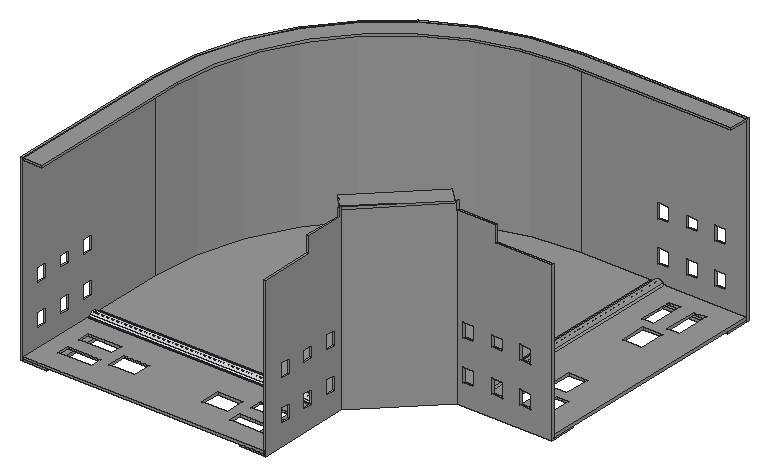
Revit family "BOgen 90 RBM 90115  FS", category Generic Models, Revit 2017
Family settings
  Can host rebar = No
  Round Connector Dimension = Use Diameter
  Part Type = Normal
  Work Plane-Based = No
  Always vertical = Yes
  Cut with Voids When Loaded = No
  Shared = No
  Room Calculation Point = No
Parameters (values of type "RBM 90 115 FS")
  Width = 150 mm
  URL = "http://www.obo-bettermann.com"
  Material = Srtip galvanised
  Manufacturer Art.No. = "6041841"
  Manufacturer = "OBO BETTERMANN"
  GTIN = "4012195896029"
  Cut's number = 2
  Article Type = "RBM 90 115 FS"
Reference planes
  plane 1 "Center (Front/Back)": y = 0
  plane 2: z = 0
  plane 3 "Center (Left/Right)": x = 0
  plane 4: x = 250
  plane 5: x = 195.5
  plane 6: x = 190.7
  plane 7: z = 3.3
  plane 8: y = 150
  plane 9: x = 250
  plane 10: y = -100
  plane 11: y = -45.5
  plane 12: y = -40.7
  plane 13: z = 3.3
  plane 14: y = 3.1
  plane 15: x = 146.9
  plane 16: y = -74.5
  plane 17: x = 75
  plane 18: x = 104
  plane 19: y = -66.5
  plane 20: y = -82.5
  plane 21: x = 21.5
  plane 22: x = 16.944
  plane 23: x = 45.944
  plane 24: y = -90.516
  plane 25: x = 75
  plane 26: x = 104
  plane 27: y = -82.516
  plane 28: y = -98.516
  plane 29: x = 21.5
  plane 30: y = -90.516
  plane 31: x = 182.101
  plane 32: x = 211.101
  plane 33: y = -82.516
  plane 34: y = -98.516
  plane 35: x = 128.601
  plane 36: y = -74.485
  plane 37: x = 182.101
  plane 38: x = 211.101
  plane 39: y = -66.485
  plane 40: y = -82.485
  plane 41: x = 128.601
  plane 42: through (250, -101.356, 1200) normal (-0.7071, -0.7071, 0)
  plane 43: z = -1.25
  plane 44: z = 111.75
  plane 45: z = -2.5
  plane 46: z = 110.5
  plane 47: z = 106.75
  plane 48: x = 215
  plane 49: x = 207.342
  plane 50: z = 96.75
  plane 51: z = 106.75
  plane 52: y = -66.356
  plane 53: y = -58.698
  plane 54: z = 96.75
  plane 55: z = 16.2
  plane 56: y = -85
  plane 57: z = 41.2
  plane 58: y = -85
  plane 59: z = 16.2
  plane 60: y = -67.55
  plane 61: z = 16.2
  plane 62: y = -49.559
  plane 63: z = 41.2
  plane 64: y = -49.559
  plane 65: z = 41.2
  plane 66: y = -67.55
  plane 67: z = 16.2
  plane 68: x = 233.644
  plane 69: z = 41.2
  plane 70: x = 216.194
  plane 71: z = 16.2
  plane 72: x = 216.135
  plane 73: z = 16.2
  plane 74: x = 198.119
  plane 75: z = 41.2
  plane 76: x = 233.644
  plane 77: z = 41.2
  plane 78: x = 198.119
  plane 79: y = 75
  plane 80: z = 24.646
Forms (mm)
  Extrusion 1, solid, material "Srtip galvanised" <- "Material"
    sketch origin (0, 0, 0) x (1, 0, 0) y (0, 0, 1)
      loop
        line (250, 0) -> (250, 1.3) -> (199.185, 1.3)
        arc (199.185, 1.3) -> (198.46, 1.486) -> (197.916, 1.999) r 1.5
        arc (197.916, 1.999) -> (195.548, 3.305) -> (193.18, 1.999) r 2.8
        arc (193.18, 1.999) -> (192.636, 1.486) -> (191.912, 1.3) r 1.5
        line (191.912, 1.3) -> (190.7, 1.3) -> (190.7, 0) -> (191.912, 0)
        arc (191.912, 0) -> (193.264, 0.348) -> (194.28, 1.306) r 2.8
        arc (194.28, 1.306) -> (195.548, 2.005) -> (196.817, 1.306) r 1.5
        arc (196.817, 1.306) -> (197.833, 0.348) -> (199.185, 0) r 2.8
        line (199.185, 0) -> (250, 0)
    from 0 to -150
  Extrusion 2, solid, material "Srtip galvanised" <- "Material"
    sketch origin (0, 0, 0) x (1, 0, 0) y (0, 1, 0)
      loop
        line (0, -100) -> (150, -100) -> (150, -50) -> (0, -50) -> (0, -100)
    from 0 to 1.3
  Extrusion 3, solid
    sketch origin (0, 0, 0) x (0, 1, 0) y (0, 0, 1)
      loop
        arc (-47.851, 1.985) -> (-48.394, 1.482) -> (-49.111, 1.3) r 1.5
        line (-49.111, 1.3) -> (-50, 1.3) -> (-50, 0) -> (-49.111, 0)
        arc (-49.111, 0) -> (-47.772, 0.341) -> (-46.76, 1.279) r 2.8
        arc (-46.76, 1.279) -> (-45.5, 1.965) -> (-44.24, 1.279) r 1.5
        arc (-44.24, 1.279) -> (-43.228, 0.341) -> (-41.889, 0) r 2.8
        line (-41.889, 0) -> (-40.7, 0) -> (-40.7, 1.3) -> (-41.889, 1.3)
        arc (-41.889, 1.3) -> (-42.606, 1.482) -> (-43.149, 1.985) r 1.5
        arc (-43.149, 1.985) -> (-45.5, 3.265) -> (-47.851, 1.985) r 2.8
    from 0 to 150
  Extrusion 4, solid, material "Srtip galvanised" <- "Material"
    sketch origin (0, 0, 0) x (1, 0, 0) y (0, 1, 0)
      loop
        line (190.7, 0) -> (190.7, 150) -> (146.885, 150)
        arc (146.885, 150) -> (43.011, 106.974) -> (-0.015, 3.1) r 146.9
        line (-0.015, 3.1) -> (-0.015, -40.7) -> (150, -40.7) -> (190.7, 0)
    from 0 to 1.3
  Extrusion 5, void
    sketch origin (0, 0, 0) x (1, 0, 0) y (0, 1, 0)
      loop
        line (96, -68.5) -> (96, -80.5) -> (112, -80.5) -> (112, -68.5) -> (96, -68.5)
      loop
        line (11, -62.7) -> (11, -70.3) -> (32, -70.3) -> (32, -62.7) -> (11, -62.7)
    from 0 to 1.3
  Extrusion 6, void
    sketch origin (-58.056, 0, 0) x (1, 0, 0) y (0, 1, 0)
      loop
        line (96, -68.5) -> (96, -80.5) -> (112, -80.5) -> (112, -68.5) -> (96, -68.5)
    from 0 to 1.3
  Extrusion 7, void
    sketch origin (0, -16.016, 0) x (1, 0, 0) y (0, 1, 0)
      loop
        line (11, -62.7) -> (11, -70.3) -> (32, -70.3) -> (32, -62.7) -> (11, -62.7)
    from 0 to 1.3
  Extrusion 8, void
    sketch origin (107.101, -16.016, 0) x (1, 0, 0) y (0, 1, 0)
      loop
        line (11, -62.7) -> (11, -70.3) -> (32, -70.3) -> (32, -62.7) -> (11, -62.7)
    from 0 to 1.3
  Extrusion 9, void
    sketch origin (107.101, 0.015, 0) x (1, 0, 0) y (0, 1, 0)
      loop
        line (11, -62.7) -> (11, -70.3) -> (32, -70.3) -> (32, -62.7) -> (11, -62.7)
    from 0 to 1.3
  Extrusion 10, void
    sketch origin (0, 0, 0) x (1, 0, 0) y (0, 1, 0)
      loop
        line (211.344, 137.644) -> (211.344, 116.644) -> (218.944, 116.644) -> (218.944, 137.644) -> (211.344, 137.644)
      loop
        line (227.36, 137.644) -> (227.36, 116.644) -> (234.96, 116.644) -> (234.96, 137.644) -> (227.36, 137.644)
      loop
        line (217.144, 110.7) -> (217.144, 94.7) -> (229.144, 94.7) -> (229.144, 110.7) -> (217.144, 110.7)
      loop
        line (217.144, 52.644) -> (217.144, 36.644) -> (229.144, 36.644) -> (229.144, 52.644) -> (217.144, 52.644)
      loop
        line (227.36, 30.543) -> (227.36, 9.543) -> (234.96, 9.543) -> (234.96, 30.543) -> (227.36, 30.543)
      loop
        line (211.329, 30.543) -> (211.329, 9.543) -> (218.929, 9.543) -> (218.929, 30.543) -> (211.329, 30.543)
    from 0 to 1.3
  Extrusion 11, solid, material "Srtip galvanised" <- "Material"
    sketch origin (0, 0, 0) x (1, 0, 0) y (0, 1, 0)
      loop
        line (250, 150) -> (146.885, 150)
        arc (146.885, 150) -> (43.022, 106.978) -> (0, 3.115) r 146.885
        line (0, 3.115) -> (0, -100) -> (15, -100) -> (15, 3.115)
        arc (15, 3.115) -> (53.628, 96.372) -> (146.885, 135) r 131.885
        line (146.885, 135) -> (250, 135) -> (250, 150)
    from 0 to -1.25
  Extrusion 12, solid, material "Srtip galvanised" <- "Material"
    sketch origin (0, 0, 0) x (1, 0, 0) y (0, 1, 0)
      loop
        line (250, 150) -> (250, 151.3) -> (146.885, 151.3)
        arc (146.885, 151.3) -> (42.102, 107.898) -> (-1.3, 3.115) r 148.185
        line (-1.3, 3.115) -> (-1.3, -100) -> (0, -100) -> (0, 3.115)
        arc (0, 3.115) -> (43.022, 106.978) -> (146.885, 150) r 146.885
        line (146.885, 150) -> (250, 150)
    from -1.25 to 111.75
  Extrusion 13, solid
    sketch origin (0, 0, 0) x (1, 0, 0) y (0, 1, 0)
      loop
        line (189.471, -1.229) -> (178.864, 9.378) -> (139.266, -30.22) -> (149.873, -40.827) -> (189.471, -1.229)
    from 0 to -1.25
  Extrusion 14, solid, material "Srtip galvanised" <- "Material"
    sketch origin (0, 0, 0) x (1, 0, 0) y (0, 1, 0)
      loop
        line (191.861, 0) -> (250, 0) -> (250, 15) -> (191.861, 15) -> (191.861, 0)
    from 0 to -1.25
  Extrusion 15, solid, material "Srtip galvanised" <- "Material"
    sketch origin (0, 0, 0) x (1, 0, 0) y (0, 1, 0)
      loop
        line (150, -100) -> (150, -41.889) -> (135, -41.889) -> (135, -100) -> (150, -100)
    from 0 to -1.25
  Extrusion 16, solid, material "Srtip galvanised" <- "Material"
    sketch origin (0, 0, 0) x (1, 0, 0) y (0, 1, 0)
      loop
        line (250, 0) -> (190.7, 0) -> (150, -40.7) -> (150, -100) -> (151.173, -100) -> (151.173, -41.365) -> (191.238, -1.3) -> (250, -1.3) -> (250, 0)
    from -1.25 to 111.75
  Extrusion 17, solid, material "Srtip galvanised" <- "Material"
    sketch origin (0.805, 0, 0) x (1, 0, 0) y (0, 1, 0)
      loop
        line (249.195, 150) -> (146.096, 150)
        arc (146.096, 150) -> (42.821, 107.573) -> (-0.805, 4.798) r 146.911
        line (-0.805, 4.798) -> (-0.805, -100) -> (11.195, -100) -> (11.195, 4.727)
        arc (11.195, 4.727) -> (51.281, 99.063) -> (146.096, 138) r 134.911
        line (146.096, 138) -> (249.195, 138) -> (249.195, 150)
    from 110.5 to 111.75
  Extrusion 18, solid, material "Srtip galvanised" <- "Material"
    sketch origin (0, 0, 0) x (1, 0, 0) y (0, 1, 0)
      loop
        line (190.39, -2.148) -> (181.905, 6.337) -> (142.307, -33.261) -> (150.792, -41.746) -> (190.39, -2.148)
    from 110.5 to 111.75
  Extrusion 19, void
    sketch origin (0, 0, 0) x (1, 0, 0) y (0, 0, 1)
      loop
        line (250, 96.75) -> (250, 111.75) -> (191.238, 111.75) -> (191.238, 106.75) -> (215, 106.75) -> (215, 96.75) -> (250, 96.75)
    from 0 to 1.3
  Extrusion 20, void
    sketch origin (148.644, 148.644, 0) x (0, -1, 0) y (0, 0, -1)
      loop
        line (250, -96.75) -> (215, -96.75) -> (215, -106.75) -> (191.238, -106.75) -> (191.238, -111.75) -> (250, -111.75) -> (250, -96.75)
    from 1.356 to 2.529
  Extrusion 21, void
    sketch origin (0, 0, 0) x (0, 1, 0) y (0, 0, 1)
      loop
        line (-88.487, 20.7) -> (-88.487, 11.7) -> (-81.487, 11.7) -> (-81.487, 20.7) -> (-88.487, 20.7)
    from 150 to 151.173
  Extrusion 22, void
    sketch origin (0, 0, 25) x (0, 1, 0) y (0, 0, 1)
      loop
        line (-88.487, 20.7) -> (-88.487, 11.7) -> (-81.487, 11.7) -> (-81.487, 20.7) -> (-88.487, 20.7)
    from 150 to 151.173
  Extrusion 23, void
    sketch origin (0, 17.45, 0) x (0, 1, 0) y (0, 0, 1)
      loop
        line (-88.487, 20.7) -> (-88.487, 11.7) -> (-81.487, 11.7) -> (-81.487, 20.7) -> (-88.487, 20.7)
    from 150 to 151.173
  Extrusion 24, void
    sketch origin (0, 35.441, 0) x (0, 1, 0) y (0, 0, 1)
      loop
        line (-88.487, 20.7) -> (-88.487, 11.7) -> (-81.487, 11.7) -> (-81.487, 20.7) -> (-88.487, 20.7)
    from 150 to 151.173
  Extrusion 25, void
    sketch origin (0, 35.441, 25) x (0, 1, 0) y (0, 0, 1)
      loop
        line (-88.487, 20.7) -> (-88.487, 11.7) -> (-81.487, 11.7) -> (-81.487, 20.7) -> (-88.487, 20.7)
    from 150 to 151.173
  Extrusion 26, void
    sketch origin (0, 17.45, 25) x (0, 1, 0) y (0, 0, 1)
      loop
        line (-88.487, 19.798) -> (-88.487, 12.798) -> (-81.487, 12.798) -> (-81.487, 19.798) -> (-88.487, 19.798)
    from 150 to 151.173
  Extrusion 27, void
    sketch origin (148.644, 148.644, 0) x (-1, 0, 0) y (0, 0, -1)
      loop
        line (-88.487, -20.7) -> (-81.487, -20.7) -> (-81.487, -11.7) -> (-88.487, -11.7) -> (-88.487, -20.7)
    from 148.644 to 149.944
  Extrusion 28, void
    sketch origin (131.194, 148.644, 25) x (-1, 0, 0) y (0, 0, -1)
      loop
        line (-88.487, -19.798) -> (-81.487, -19.798) -> (-81.487, -12.798) -> (-88.487, -12.798) -> (-88.487, -19.798)
    from 148.644 to 149.944
  Extrusion 29, void
    sketch origin (131.135, 148.644, 0) x (-1, 0, 0) y (0, 0, -1)
      loop
        line (-88.487, -20.7) -> (-81.487, -20.7) -> (-81.487, -11.7) -> (-88.487, -11.7) -> (-88.487, -20.7)
    from 148.644 to 149.944
  Extrusion 30, void
    sketch origin (113.119, 148.644, 0) x (-1, 0, 0) y (0, 0, -1)
      loop
        line (-88.487, -20.7) -> (-81.487, -20.7) -> (-81.487, -11.7) -> (-88.487, -11.7) -> (-88.487, -20.7)
    from 148.644 to 149.944
  Extrusion 31, void
    sketch origin (148.644, 148.644, 25) x (-1, 0, 0) y (0, 0, -1)
      loop
        line (-88.487, -20.7) -> (-81.487, -20.7) -> (-81.487, -11.7) -> (-88.487, -11.7) -> (-88.487, -20.7)
    from 148.644 to 149.944
  Extrusion 32, void
    sketch origin (113.119, 148.644, 25) x (-1, 0, 0) y (0, 0, -1)
      loop
        line (-88.487, -20.7) -> (-81.487, -20.7) -> (-81.487, -11.7) -> (-88.487, -11.7) -> (-88.487, -20.7)
    from 148.644 to 149.944
  Extrusion 33, void
    sketch origin (0, 0, 0) x (1, 0, 0) y (0, 0, 1)
      loop
        line (237.131, 45.7) -> (230.131, 45.7) -> (230.131, 36.7) -> (237.131, 36.7) -> (237.131, 45.7)
      loop
        line (219.681, 44.798) -> (212.681, 44.798) -> (212.681, 37.798) -> (219.681, 37.798) -> (219.681, 44.798)
      loop
        line (201.606, 45.7) -> (194.606, 45.7) -> (194.606, 36.7) -> (201.606, 36.7) -> (201.606, 45.7)
      loop
        line (237.131, 20.7) -> (230.131, 20.7) -> (230.131, 11.7) -> (237.131, 11.7) -> (237.131, 20.7)
      loop
        line (219.621, 20.7) -> (212.621, 20.7) -> (212.621, 11.7) -> (219.621, 11.7) -> (219.621, 20.7)
      loop
        line (201.606, 20.7) -> (194.606, 20.7) -> (194.606, 11.7) -> (201.606, 11.7) -> (201.606, 20.7)
    from -150 to -151.3
  Extrusion 34, void
    sketch origin (0, 0, 0) x (0, 1, 0) y (0, 0, 1)
      loop
        line (-46.046, 45.7) -> (-53.046, 45.7) -> (-53.046, 36.7) -> (-46.046, 36.7) -> (-46.046, 45.7)
      loop
        line (-64.036, 44.798) -> (-71.036, 44.798) -> (-71.036, 37.798) -> (-64.036, 37.798) -> (-64.036, 44.798)
      loop
        line (-81.487, 45.7) -> (-88.487, 45.7) -> (-88.487, 36.7) -> (-81.487, 36.7) -> (-81.487, 45.7)
      loop
        line (-46.046, 20.7) -> (-53.046, 20.7) -> (-53.046, 11.7) -> (-46.046, 11.7) -> (-46.046, 20.7)
      loop
        line (-64.036, 20.7) -> (-71.036, 20.7) -> (-71.036, 11.7) -> (-64.036, 11.7) -> (-64.036, 20.7)
      loop
        line (-81.487, 20.7) -> (-88.487, 20.7) -> (-88.487, 11.7) -> (-81.487, 11.7) -> (-81.487, 20.7)
    from -1.3 to 0
Cuts and joins
  Extrusion 5, Extrusion 6, Extrusion 7, Extrusion 8, Extrusion 9 cuts Extrusion 2
  Extrusion 10 cuts Extrusion 1
  Extrusion 19, Extrusion 20, Extrusion 21, Extrusion 22, Extrusion 23, Extrusion 24, Extrusion 25, Extrusion 26, Extrusion 27, Extrusion 28, Extrusion 29, Extrusion 30, Extrusion 31, Extrusion 32, Extrusion 34 cuts Extrusion 16
  Extrusion 21, Extrusion 33, Extrusion 34 cuts Extrusion 12
Dimensions and locks
  locked: plane 4 to plane 3 "Center (Left/Right)" at 250
  locked: plane 4 to plane 5 at 54.5
  locked: plane 4 to plane 6 at 59.3
  locked: plane 7 to Extrusion 1 sketch curve at 2
  locked: Extrusion 1 sketch curve to Extrusion 1 sketch curve at 1.3  (x2)
  locked: plane 1 "Center (Front/Back)" to plane 8 at 150
  locked: Extrusion 1 to plane 10 at 250
  locked: plane 3 "Center (Left/Right)" to Extrusion 1 at 250
  locked: Extrusion 2 sketch curve to Extrusion 2 sketch curve at 150
  locked: Extrusion 2 sketch curve to Extrusion 2 sketch curve at 50
  locked: plane 10 to plane 11 at 54.5
  locked: plane 10 to plane 12 at 59.3
  locked: plane 13 to Extrusion 2 at 2
  locked: Extrusion 2 to Extrusion 3 sketch curve at 9.3
  locked: Extrusion 3 sketch curve to Extrusion 3 sketch curve at 1.3
  locked: Extrusion 1 sketch curve to level at 3.305
  locked: plane 15 to Extrusion 1 at 103.1
  locked: plane 14 to plane 10 at 103.1
  locked: plane 21 to plane 17 at 53.5
  locked: Extrusion 5 sketch curve to Extrusion 5 sketch curve at 16
  locked: Extrusion 5 sketch curve to plane 18 at 8
  locked: Extrusion 5 sketch curve to Extrusion 5 sketch curve at 12
  locked: plane 16 to Extrusion 5 sketch curve at 6
  locked: Extrusion 5 sketch curve to Extrusion 5 sketch curve at 21
  locked: plane 21 to Extrusion 5 sketch curve at 10.5
  locked: Extrusion 5 sketch curve to Extrusion 5 sketch curve at 7.6
  locked: plane 19 to Extrusion 5 sketch curve at 3.8
  locked: Extrusion 6 sketch curve to Extrusion 6 sketch curve at 16
  locked: Extrusion 6 sketch curve to plane 23 at 8
  locked: Extrusion 6 sketch curve to Extrusion 6 sketch curve at 12
  locked: plane 29 to plane 25 at 53.5
  locked: Extrusion 7 sketch curve to Extrusion 7 sketch curve at 21
  locked: plane 29 to Extrusion 7 sketch curve at 10.5
  locked: Extrusion 7 sketch curve to Extrusion 7 sketch curve at 7.6
  locked: plane 27 to Extrusion 7 sketch curve at 3.8
  locked: plane 35 to plane 31 at 53.5
  locked: Extrusion 8 sketch curve to Extrusion 8 sketch curve at 21
  locked: plane 35 to Extrusion 8 sketch curve at 10.5
  locked: Extrusion 8 sketch curve to Extrusion 8 sketch curve at 7.6
  locked: plane 33 to Extrusion 8 sketch curve at 3.8
  locked: plane 41 to plane 37 at 53.5
  locked: Extrusion 9 sketch curve to Extrusion 9 sketch curve at 21
  locked: plane 41 to Extrusion 9 sketch curve at 10.5
  locked: Extrusion 9 sketch curve to Extrusion 9 sketch curve at 7.6
  locked: plane 39 to Extrusion 9 sketch curve at 3.8
  locked: Extrusion 4 to Extrusion 11 sketch curve at 15
  locked: Extrusion 4 to Extrusion 11 sketch curve at 15.015
  locked: Extrusion 4 to plane 10 at 250
  locked: plane 3 "Center (Left/Right)" to cut or joined group of Extrusion 1, Extrusion 10 at 250
  locked: cut or joined group of Extrusion 2, Extrusion 5, Extrusion 6, Extrusion 7, Extrusion 8, Extrusion 9 to cut or joined group of Extrusion 1, Extrusion 10 at 250
  locked: cut or joined group of Extrusion 2, Extrusion 5, Extrusion 6, Extrusion 7, Extrusion 8, Extrusion 9 to Extrusion 11 at 1.25
  locked: Extrusion 12 sketch curve to cut or joined group of Extrusion 1, Extrusion 10 at 1.3
  locked: Extrusion 12 sketch curve to cut or joined group of Extrusion 2, Extrusion 5, Extrusion 6, Extrusion 7, Extrusion 8, Extrusion 9 at 1.3
  locked: Extrusion 12 sketch curve to Extrusion 12 sketch curve at 251.3  (x2)
  locked: plane 44 to Extrusion 11 at 113
  locked: Extrusion 4 to Extrusion 13 sketch curve at 15
  locked: Extrusion 13 sketch curve to plane 42 at 28  (x2)
  locked: Extrusion 13 sketch curve to Extrusion 13 sketch curve at 56
  locked: cut or joined group of Extrusion 1, Extrusion 10 to Extrusion 14 sketch curve at 15
  locked: Extrusion 14 sketch curve to cut or joined group of Extrusion 1, Extrusion 10 at 58.139
  locked: Extrusion 15 sketch curve to cut or joined group of Extrusion 2, Extrusion 5, Extrusion 6, Extrusion 7, Extrusion 8, Extrusion 9 at 58.111
  locked: Extrusion 15 sketch curve to cut or joined group of Extrusion 2, Extrusion 5, Extrusion 6, Extrusion 7, Extrusion 8, Extrusion 9 at 15
  locked: Extrusion 16 sketch curve to cut or joined group of Extrusion 1, Extrusion 10 at 1.3
  locked: cut or joined group of Extrusion 2, Extrusion 5, Extrusion 6, Extrusion 7, Extrusion 8, Extrusion 9 to Extrusion 16 sketch curve at 1.173
  locked: Extrusion 4 to Extrusion 16 sketch curve at 1.3
  locked: Extrusion 16 to Extrusion 18 sketch curve at 12
  plane 47 to Extrusion 16 = 108 mm
  locked: Extrusion 16 to plane 47 at 5
  locked: Extrusion 16 to plane 50 at 15
  locked: Extrusion 21 sketch curve to Extrusion 21 sketch curve at 9
  locked: plane 55 to Extrusion 21 sketch curve at 4.5
  locked: Extrusion 21 sketch curve to Extrusion 21 sketch curve at 7
  locked: Extrusion 21 sketch curve to plane 56 at 3.487
  locked: Extrusion 22 sketch curve to Extrusion 22 sketch curve at 9
  locked: plane 57 to Extrusion 22 sketch curve at 4.5
  locked: Extrusion 22 sketch curve to Extrusion 22 sketch curve at 7
  locked: Extrusion 22 sketch curve to plane 58 at 3.487
  locked: Extrusion 23 sketch curve to Extrusion 23 sketch curve at 9
  locked: plane 59 to Extrusion 23 sketch curve at 4.5
  locked: Extrusion 23 sketch curve to Extrusion 23 sketch curve at 7
  locked: Extrusion 23 sketch curve to plane 60 at 3.487
  locked: Extrusion 24 sketch curve to Extrusion 24 sketch curve at 9
  locked: plane 61 to Extrusion 24 sketch curve at 4.5
  locked: Extrusion 24 sketch curve to Extrusion 24 sketch curve at 7
  locked: Extrusion 24 sketch curve to plane 62 at 3.487
  locked: Extrusion 25 sketch curve to Extrusion 25 sketch curve at 9
  locked: plane 63 to Extrusion 25 sketch curve at 4.5
  locked: Extrusion 25 sketch curve to Extrusion 25 sketch curve at 7
  locked: Extrusion 25 sketch curve to plane 64 at 3.487
  Extrusion 26 sketch curve to Extrusion 26 sketch curve = 7 mm  (x2)
  plane 65 to Extrusion 26 sketch curve = 3.402 mm
  Extrusion 26 sketch curve to plane 66 = 3.487 mm
  locked: Extrusion 26 sketch curve to Extrusion 26 sketch curve at 7  (x2)
  cut or joined group 1 (Extrusion 16, Extrusion 19, Extrusion 20, Extrusion 21, Extrusion 22, Extrusion 23, Extrusion 24, Extrusion 25, Extrusion 26, Extrusion 27, Extrusion 28, Extrusion 29, Extrusion 30, Extrusion 31, Extrusion 32, Extrusion 34) to cut or joined group 1 = 7 mm
  locked: Extrusion 27 sketch curve to Extrusion 27 sketch curve at 9
  locked: Extrusion 27 sketch curve to plane 67 at 4.5
  locked: Extrusion 27 sketch curve to Extrusion 27 sketch curve at 7
  locked: Extrusion 27 sketch curve to plane 68 at 3.487
  Extrusion 28 sketch curve to Extrusion 28 sketch curve = 7 mm  (x2)
  Extrusion 28 sketch curve to plane 69 = 3.402 mm
  Extrusion 28 sketch curve to plane 70 = 3.487 mm
  locked: Extrusion 28 sketch curve to Extrusion 28 sketch curve at 7  (x2)
  locked: Extrusion 29 sketch curve to Extrusion 29 sketch curve at 9
  locked: Extrusion 29 sketch curve to plane 71 at 4.5
  locked: Extrusion 29 sketch curve to Extrusion 29 sketch curve at 7
  locked: Extrusion 29 sketch curve to plane 72 at 3.487
  locked: Extrusion 30 sketch curve to Extrusion 30 sketch curve at 9
  locked: Extrusion 30 sketch curve to plane 73 at 4.5
  locked: Extrusion 30 sketch curve to Extrusion 30 sketch curve at 7
  locked: Extrusion 30 sketch curve to plane 74 at 3.487
  locked: Extrusion 31 sketch curve to Extrusion 31 sketch curve at 9
  locked: Extrusion 31 sketch curve to plane 75 at 4.5
  locked: Extrusion 31 sketch curve to Extrusion 31 sketch curve at 7
  locked: Extrusion 31 sketch curve to plane 76 at 3.487
  locked: Extrusion 32 sketch curve to Extrusion 32 sketch curve at 9
  locked: Extrusion 32 sketch curve to plane 77 at 4.5
  locked: Extrusion 32 sketch curve to Extrusion 32 sketch curve at 7
  locked: Extrusion 32 sketch curve to plane 78 at 3.487
  locked: plane 1 "Center (Front/Back)" to plane 79 at 75
  radius of Extrusion 4 sketch curve = 146.9 mm
  aligned and locked: level to plane 2
  aligned and locked: Extrusion 1 sketch curve to plane 6
  aligned and locked: Extrusion 1 sketch curve to plane 4
  aligned and locked: Extrusion 1 to level
  aligned and locked: plane 8 to Extrusion 1
  aligned and locked: plane 1 "Center (Front/Back)" to Extrusion 1
  aligned and locked: Extrusion 1 to Extrusion 2
  aligned and locked: Extrusion 2 to level
  aligned and locked: Extrusion 3 sketch curve to Extrusion 2
  aligned and locked: Extrusion 2 to Extrusion 3
  aligned and locked: Extrusion 3 to plane 3 "Center (Left/Right)"
  aligned and locked: plane 14 to Extrusion 4 sketch curve
  aligned and locked: plane 8 to Extrusion 4 sketch curve
  aligned and locked: Extrusion 4 sketch curve to Extrusion 1
  aligned and locked: Extrusion 4 to level
  aligned and locked: Extrusion 1 to Extrusion 4
  aligned and locked: Extrusion 2 to plane 2
  aligned and locked: Extrusion 2 to Extrusion 5
  aligned and locked: Extrusion 10 to level
  aligned and locked: Extrusion 1 to Extrusion 10
  aligned and locked: Extrusion 11 sketch curve to plane 9
  aligned and locked: plane 10 to Extrusion 11 sketch curve
  aligned and locked: plane 9 to Extrusion 11
  aligned and locked: Extrusion 11 to plane 10
  aligned and locked: Extrusion 11 to plane 43
  aligned and locked: Extrusion 12 to plane 10
  aligned and locked: plane 9 to Extrusion 12
  aligned and locked: plane 44 to Extrusion 12
  aligned and locked: Extrusion 11 to Extrusion 13
  aligned and locked: Extrusion 14 sketch curve to plane 9
  aligned and locked: plane 1 "Center (Front/Back)" to Extrusion 14
  aligned and locked: plane 9 to Extrusion 14
  aligned and locked: Extrusion 11 to Extrusion 14
  aligned and locked: Extrusion 14 to Extrusion 4
  aligned and locked: Extrusion 15 to Extrusion 3  (x2)
  aligned and locked: Extrusion 15 to plane 10
  aligned and locked: Extrusion 15 to Extrusion 11
  aligned and locked: cut or joined group of Extrusion 1, Extrusion 10 to Extrusion 16 sketch curve
  aligned and locked: Extrusion 16 sketch curve to cut or joined group of Extrusion 2, Extrusion 5, Extrusion 6, Extrusion 7, Extrusion 8, Extrusion 9
  aligned and locked: plane 9 to Extrusion 16
  aligned and locked: Extrusion 16 to plane 10
  aligned and locked: Extrusion 16 to Extrusion 11
  aligned and locked: Extrusion 12 to Extrusion 16
  aligned and locked: Extrusion 17 sketch curve to plane 9
  aligned and locked: plane 10 to Extrusion 17 sketch curve
  aligned and locked: plane 9 to Extrusion 17
  aligned and locked: Extrusion 17 to plane 10
  aligned and locked: Extrusion 17 to Extrusion 12
  aligned and locked: Extrusion 17 to plane 46
  aligned and locked: cut or joined group of Extrusion 1, Extrusion 10 to Extrusion 17
  aligned and locked: Extrusion 18 sketch curve to Extrusion 13
  aligned and locked: Extrusion 18 to Extrusion 13
  aligned and locked: Extrusion 13 to Extrusion 18
  aligned and locked: Extrusion 18 to Extrusion 16
  aligned and locked: Extrusion 17 to Extrusion 18
  aligned and locked: Extrusion 12 to Extrusion 18
  aligned and locked: Extrusion 16 to Extrusion 19
  aligned and locked: Extrusion 19 to Extrusion 16
  aligned and locked: Extrusion 20 to Extrusion 3
  aligned and locked: Extrusion 21 to cut or joined group of Extrusion 2, Extrusion 5, Extrusion 6, Extrusion 7, Extrusion 8, Extrusion 9
  aligned and locked: cut or joined group 1 to Extrusion 21
  aligned and locked: Extrusion 16 to Extrusion 27
  aligned and locked: Extrusion 27 to plane 1 "Center (Front/Back)"
  aligned and locked: Extrusion 28 to plane 1 "Center (Front/Back)"
  aligned and locked: Extrusion 16 to Extrusion 28
  aligned and locked: Extrusion 12 to Extrusion 33
  aligned and locked: plane 3 "Center (Left/Right)" to Extrusion 34
  aligned and locked: cut or joined group of Extrusion 12, Extrusion 21, Extrusion 33, Extrusion 34 to Extrusion 34
Automatic sketch dimensions
  Extrusion 1 sketch curve to Extrusion 1 sketch curve = 0 mm  (x7)
  Extrusion 1 sketch curve to level = 0 mm
  Extrusion 1 sketch curve to plane 7 = 0.5 mm  (x2)
  plane 6 to Extrusion 1 sketch curve = 1.212 mm
  plane 5 to Extrusion 1 sketch curve = 0.048 mm
  plane 5 to Extrusion 1 sketch curve = 3.685 mm
  level to Extrusion 1 sketch curve = 0.505 mm
  Extrusion 2 sketch curve to plane 3 "Center (Left/Right)" = 0 mm
  Extrusion 2 sketch curve to plane 10 = 0 mm
  Extrusion 3 sketch curve to Extrusion 3 sketch curve = 0 mm  (x8)
  Extrusion 3 sketch curve to level = 0 mm  (x2)
  Extrusion 3 sketch curve to plane 11 = 0 mm
  Extrusion 3 sketch curve to plane 13 = 0.5 mm  (x2)
  Extrusion 3 sketch curve to Extrusion 3 sketch curve = 0.889 mm  (x2)
  Extrusion 3 sketch curve to Extrusion 3 sketch curve = 1.189 mm
  level to Extrusion 3 sketch curve = 0.465 mm
  Extrusion 3 sketch curve to Extrusion 3 sketch curve = 1.3 mm
  plane 1 "Center (Front/Back)" to Extrusion 4 sketch curve = 0 mm
  plane 15 to Extrusion 4 sketch curve = 3.1 mm
  Extrusion 4 sketch curve to plane 15 = 0.015 mm
  plane 1 "Center (Front/Back)" to Extrusion 4 sketch curve = 40.7 mm
  plane 10 to Extrusion 6 sketch curve = 19.5 mm
  Extrusion 10 sketch curve to plane 1 "Center (Front/Back)" = 9.543 mm
  Extrusion 10 sketch curve to plane 9 = 38.671 mm
  Extrusion 10 sketch curve to plane 9 = 38.656 mm
  Extrusion 10 sketch curve to Extrusion 10 sketch curve = 5.815 mm
  Extrusion 10 sketch curve to Extrusion 10 sketch curve = 5.8 mm
  Extrusion 10 sketch curve to Extrusion 10 sketch curve = 1.785 mm
  Extrusion 10 sketch curve to Extrusion 10 sketch curve = 7.6 mm  (x3)
  Extrusion 10 sketch curve to Extrusion 10 sketch curve = 8.416 mm
  Extrusion 10 sketch curve to Extrusion 10 sketch curve = 8.431 mm
  Extrusion 10 sketch curve to Extrusion 10 sketch curve = 1.784 mm  (x2)
  Extrusion 10 sketch curve to Extrusion 10 sketch curve = 0 mm  (x3)
  Extrusion 10 sketch curve to Extrusion 10 sketch curve = 21 mm
  Extrusion 10 sketch curve to Extrusion 10 sketch curve = 6.101 mm
  Extrusion 10 sketch curve to Extrusion 10 sketch curve = 16 mm  (x2)
  plane 79 to Extrusion 10 sketch curve = 19.7 mm
  Extrusion 10 sketch curve to Extrusion 10 sketch curve = 5.944 mm  (x2)
  Extrusion 10 sketch curve to plane 8 = 12.356 mm
  Extrusion 11 sketch curve to Extrusion 11 sketch curve = 0 mm  (x2)
  Extrusion 11 sketch curve to plane 3 "Center (Left/Right)" = 0 mm
  Extrusion 11 sketch curve to plane 1 "Center (Front/Back)" = 3.115 mm
  Extrusion 12 sketch curve to Extrusion 12 sketch curve = 0 mm  (x2)
  Extrusion 12 sketch curve to plane 3 "Center (Left/Right)" = 0 mm
  Extrusion 12 sketch curve to plane 1 "Center (Front/Back)" = 3.115 mm
  plane 1 "Center (Front/Back)" to Extrusion 13 sketch curve = 40.827 mm
  plane 1 "Center (Front/Back)" to Extrusion 14 sketch curve = 0 mm
  Extrusion 15 sketch curve to plane 10 = 0 mm
  Extrusion 15 sketch curve to Extrusion 15 sketch curve = 15 mm
  plane 1 "Center (Front/Back)" to Extrusion 16 sketch curve = 0 mm
  Extrusion 16 sketch curve to plane 10 = 0 mm
  Extrusion 16 sketch curve to Extrusion 16 sketch curve = 0.538 mm
  Extrusion 16 sketch curve to Extrusion 16 sketch curve = 0.665 mm
  Extrusion 17 sketch curve to Extrusion 17 sketch curve = 0 mm  (x2)
  Extrusion 17 sketch curve to plane 3 "Center (Left/Right)" = 0 mm
  Extrusion 17 sketch curve to plane 8 = 0 mm
  Extrusion 17 sketch curve to plane 1 "Center (Front/Back)" = 4.727 mm
  plane 3 "Center (Left/Right)" to Extrusion 17 sketch curve = 12 mm
  Extrusion 17 sketch curve to plane 1 "Center (Front/Back)" = 3.089 mm
  Extrusion 17 sketch curve to Extrusion 17 sketch curve = 134.901 mm
  plane 1 "Center (Front/Back)" to Extrusion 18 sketch curve = 41.746 mm
  Extrusion 18 sketch curve to Extrusion 18 sketch curve = 31.113 mm
  Extrusion 19 sketch curve to plane 47 = 0 mm
  Extrusion 19 sketch curve to plane 44 = 0 mm
  Extrusion 19 sketch curve to plane 48 = 0 mm
  Extrusion 19 sketch curve to plane 9 = 0 mm
  Extrusion 19 sketch curve to plane 50 = 0 mm
  Extrusion 19 sketch curve to plane 49 = 16.103 mm
  plane 51 to Extrusion 20 sketch curve = 0 mm
  Extrusion 20 sketch curve to plane 44 = 0 mm
  Extrusion 20 sketch curve to plane 52 = 0 mm
  Extrusion 20 sketch curve to plane 54 = 0 mm
  Extrusion 20 sketch curve to plane 53 = 16.103 mm
  Extrusion 20 sketch curve to plane 10 = 1.356 mm
  level to Extrusion 33 sketch curve = 11.7 mm
  Extrusion 33 sketch curve to plane 9 = 55.394 mm
  Extrusion 33 sketch curve to Extrusion 33 sketch curve = 0 mm  (x2)
  Extrusion 33 sketch curve to Extrusion 33 sketch curve = 7 mm  (x7)
  Extrusion 33 sketch curve to Extrusion 33 sketch curve = 11.016 mm
  Extrusion 33 sketch curve to Extrusion 33 sketch curve = 11.075 mm
  Extrusion 33 sketch curve to plane 80 = 3.946 mm  (x3)
  Extrusion 33 sketch curve to Extrusion 33 sketch curve = 10.51 mm
  Extrusion 33 sketch curve to Extrusion 33 sketch curve = 10.45 mm
  Extrusion 33 sketch curve to Extrusion 33 sketch curve = 9 mm  (x3)
  plane 80 to Extrusion 33 sketch curve = 12.054 mm  (x2)
  Extrusion 33 sketch curve to Extrusion 33 sketch curve = 1.098 mm
  plane 10 to Extrusion 34 sketch curve = 11.513 mm  (x2)
  Extrusion 34 sketch curve to Extrusion 34 sketch curve = 7 mm  (x7)
  Extrusion 34 sketch curve to Extrusion 34 sketch curve = 10.45 mm  (x2)
  Extrusion 34 sketch curve to Extrusion 34 sketch curve = 10.991 mm  (x2)
  level to Extrusion 34 sketch curve = 11.7 mm  (x2)
  Extrusion 34 sketch curve to Extrusion 34 sketch curve = 0 mm
  Extrusion 34 sketch curve to Extrusion 34 sketch curve = 9 mm  (x5)
  Extrusion 34 sketch curve to Extrusion 34 sketch curve = 16 mm  (x2)
  Extrusion 34 sketch curve to Extrusion 34 sketch curve = 1.098 mm
